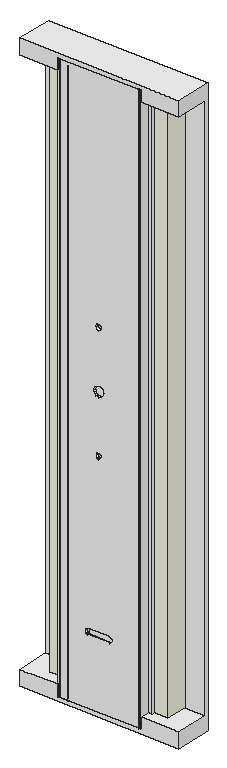
Revit family "STH9740BR_27_PTO_27_STH9740BR_30_PTO_30", category Luminárias, Revit 2023
Family settings
  Hospedeiro = Parede
  Cota do conector redondo = Utilizar diâmetro
  Tipo de parte = Normal
  Número OmniClass = 23.80.70.00
  Título OmniClass = Lighting
  Sempre na vertical = Sim
  Corte com vazios quando carregada = Não
  Fonte luminosa = Sim
  Manter orientação da anotação = Não
  Compartilhado = Não
  Ponto de cálculo do ambiente = Não
Parameters (values of type "STH9740BR/27 - BRANCO - BIVOLT - 2700K - 1050lm")
  Ângulo de Abertura = "110°/110°"
  Wattage = 13.4642 W
  URL = "https://stella.com.br/"
  Troca de temperatura da cor de lâmpada com esmaecimento = <Nenhum>
  Tensão Elétrica = "100V-240V"
  built-in parameter 1150107 = 2700 (stored number, unit not read)
  Temperatura da cor (K) = 2700 K
  Tamanho do símbolo da fonte luminosa = 0.6096 m
  Referência = "STH9740BR/27"
  Profundidade = 0.027 m
  Potência = 12 W
  built-in parameter 1150110 = 1 (stored number, unit not read)
  built-in parameter 1150109 = 1 (stored number, unit not read)
  built-in parameter 1114218 = 1 (stored number, unit not read)
  built-in parameter 1150112 = 1 (stored number, unit not read)
  built-in parameter 1150113 = 1 (stored number, unit not read)
  built-in parameter 1150132 = 2
  built-in parameter 1150137 = (empty or 0)
  Modelo = "Reflex"
  built-in parameter 1150106 = 6.3662 (stored number, unit not read)
  built-in parameter 1150102 = (empty or 0)
  built-in parameter 1150105 = 636.62 (stored number, unit not read)
  IRC (Índice de reprodução de cores) = ">80"
  Grau de proteção (IP) = "IP65"
  Fonte Luminosa_STH9740_3000K = no
  Fonte Luminosa_STH9740_2700K = yes
  Color Filter = 16777215
  built-in parameter 1114217 = 1 (stored number, unit not read)
  built-in parameter 1150139 = (empty or 0)
  Estrutura = Al Branco
  Luminoso = Luminoso - 2700K
  Largura = 0.115 m
  Fluxo Luminoso = 1050 lm
  Fabricante = "Stella"
  Emitir do comprimento da linha = 0.6096 m
  Default Elevation = 0.00 m
  built-in parameter 1150104 = 13.8 (stored number, unit not read)
  Dimerização = "Não dimerizável"
  built-in parameter 1150115 = 1 (stored number, unit not read)
  built-in parameter 1150114 = 1 (stored number, unit not read)
  Lumens = 2000 lm
  built-in parameter 1150138 = (empty or 0)
  built-in parameter 1150134 = (empty or 0)
  Comprimento = 0.42 m
  built-in parameter 1150133 = 10 (stored number, unit not read)
Types (5, lengths in m): name | built-in parameter 1150107 | Temperatura da cor (K) | Referência | Fonte Luminosa_STH9740_3000K | Fonte Luminosa_STH9740_2700K | Estrutura | Luminoso | Fluxo Luminoso
  (no name) | 2700 (stored number, unit not read) | 2700 K | "STH9740BR/27" | no | yes | Al Branco | Luminoso - 2700K | 1050 lm
  STH9740BR/30 - BRANCO - BIVOLT - 3000K - 1100lm | 3000 (stored number, unit not read) | 3000 K | "STH9740BR/30" | yes | no | Al Branco | Luminoso - 3000K | 1100 lm
  STH9740BR/27 - BRANCO - BIVOLT - 2700K - 1050lm | 2700 (stored number, unit not read) | 2700 K | "STH9740BR/27" | no | yes | Al Branco | Luminoso - 2700K | 1050 lm
  STH9740PTO/27 - PRETO - BIVOLT - 2700K - 800lm | 2700 (stored number, unit not read) | 2700 K | "STH9740PTO/27" | no | yes | Al - Preto | Luminoso - 2700K | 800 lm
  STH9740PTO/30 - PRETO - BIVOLT - 3000K - 850lm | 3000 (stored number, unit not read) | 3000 K | "STH9740PTO/30" | yes | no | Al - Preto | Luminoso - 3000K | 850 lm
Reference planes (m)
  plane 1: y = 0
  plane 2 "Eixo de origem da luz (F/T)": y = 0.012631
  plane 3 "Eixo de origem da luz (E/D)": x = -0.036356
  plane 4 "Elevação da origem da luz": z = 1
  plane 5: x = -0.093856
  plane 6: x = 0.021144
  plane 7: y = 0.027
  plane 8: z = 0.79
  plane 9: z = 1.21
Forms (m)
  Extrusion 1, solid, material "Al Branco" <- "Estrutura"
    sketch origin (0, 0, 1) x (0, 1, 0) y (-1, 0, 0)
      loop
        line (0.0012, 0.065156) -> (0, 0.065156) -> (0, 0.007556) -> (0.0012, 0.007556) -> (0.0012, 0.008556) -> (0.0075, 0.008556) -> (0.0108, 0.00993) -> (0.0115, 0.008556) -> (0.013612, 0.009679) -> (0.013142, 0.010562) -> (0.012176, 0.010048) -> (0.010989, 0.011235) -> (0.007858, 0.00993) -> (0.00705, 0.00993) -> (0.0012, 0.012696) -> (0.0012, 0.060015) -> (0.00705, 0.062781) -> (0.007858, 0.062781) -> (0.010989, 0.061476) -> (0.012176, 0.062663) -> (0.013142, 0.062149) -> (0.013612, 0.063032) -> (0.0115, 0.064156) -> (0.0108, 0.062781) -> (0.0075, 0.064156) -> (0.0012, 0.064156) -> (0.0012, 0.065156)
      loop
        line (0.0012, 0.060652) -> (0.005513, 0.062781) -> (0.0012, 0.062781) -> (0.0012, 0.060652)
      loop
        line (0.0012, 0.01206) -> (0.0012, 0.00993) -> (0.005513, 0.00993) -> (0.0012, 0.01206)
    from -0.2072 to 0.2072
  Extrusion 2, solid, material "Al Branco" <- "Estrutura"
    sketch origin (0, 0, 1) x (0, 1, 0) y (-1, 0, 0)
      loop
        line (0.0238, 0.093856) -> (0.0238, -0.021144) -> (0.0263, -0.021144) -> (0.0263, 0.093856) -> (0.0238, 0.093856)
    from -0.21 to 0.21
  Extrusion 3, solid, material "Luminoso - 2700K" <- "Luminoso"
    sketch origin (0, 0, 1) x (0, 1, 0) y (-1, 0, 0)
      loop
        line (0.0088, -0.006144) -> (0.0238, -0.006144) -> (0.0238, 0.006356) -> (0.0088, 0.006356) -> (0.0088, -0.006144)
      loop
        line (0.0231, 0.005656) -> (0.0095, 0.005656) -> (0.0095, -0.005444) -> (0.0231, -0.005444) -> (0.0231, 0.005656)
    from -0.1992 to 0.1992
  Extrusion 4, solid, material "Luminoso - 2700K" <- "Luminoso"
    sketch origin (-0.072711, 0, 1) x (0, -1, 0) y (1, 0, 0)
      loop
        line (-0.0088, -0.006144) -> (-0.0088, 0.006356) -> (-0.0238, 0.006356) -> (-0.0238, -0.006144) -> (-0.0088, -0.006144)
      loop
        line (-0.0231, 0.005656) -> (-0.0231, -0.005444) -> (-0.0095, -0.005444) -> (-0.0095, 0.005656) -> (-0.0231, 0.005656)
    from -0.1992 to 0.1992
  Extrusion 5, solid, material "Al Branco" <- "Estrutura"
    sketch origin (-0.036356, 0, 0) x (0, -1, 0) y (0, 0, 1)
      loop
        line (-0.0263, 1.21) -> (-0.0263, 1.1992) -> (0, 1.1992) -> (0, 1.21) -> (-0.0263, 1.21)
    from -0.0575 to 0.0575
  Extrusion 6, solid, material "Al Branco" <- "Estrutura"
    sketch origin (0, 0, 1) x (0, 1, 0) y (-1, 0, 0)
      loop
        line (0.008, 0.006356) -> (0.0238, 0.006356) -> (0.0238, 0.008556) -> (0.0193, 0.008556) -> (0.0193, 0.013556) -> (0.0183, 0.013556) -> (0.0183, 0.008556) -> (0.0115, 0.008556) -> (0.0108, 0.00993) -> (0.0075, 0.008556) -> (0.0012, 0.008556) -> (0.0012, 0.007556) -> (0, 0.007556) -> (0, 0.006356) -> (0.0067, 0.006356) -> (0.0067, 0.003556) -> (0.008, 0.003556) -> (0.008, 0.004356) -> (0.0088, 0.004356) -> (0.0088, 0.005356) -> (0.008, 0.005356) -> (0.008, 0.006356)
      loop
        line (0.008, 0.066356) -> (0.008, 0.067356) -> (0.0088, 0.067356) -> (0.0088, 0.068356) -> (0.008, 0.068356) -> (0.008, 0.069156) -> (0.0067, 0.069156) -> (0.0067, 0.066356) -> (0, 0.066356) -> (0, 0.065156) -> (0.0012, 0.065156) -> (0.0012, 0.064156) -> (0.0075, 0.064156) -> (0.0108, 0.062781) -> (0.0115, 0.064156) -> (0.0183, 0.064156) -> (0.0183, 0.059156) -> (0.0193, 0.059156) -> (0.0193, 0.064156) -> (0.0238, 0.064156) -> (0.0238, 0.066356) -> (0.008, 0.066356)
    from -0.2072 to 0.2072
  Extrusion 7, void
    sketch origin (0, 0, 1) x (0, 1, 0) y (-1, 0, 0)
      loop
        line (0, 0.066356) -> (0, 0.006356) -> (0.013612, 0.006356) -> (0.013612, 0.066356) -> (0, 0.066356)
    from 0.1992 to 0.2072
  Extrusion 8, solid, material "Al Branco" <- "Estrutura"
    sketch origin (-0.036356, 0, 2) x (0, -1, 0) y (0, 0, 1)
      loop
        line (-0.0263, -1.21) -> (0, -1.21) -> (0, -1.1992) -> (-0.0263, -1.1992) -> (-0.0263, -1.21)
    from -0.0575 to 0.0575
  Extrusion 9, void
    sketch origin (0, 0, 1) x (0, 1, 0) y (-1, 0, 0)
      loop
        line (0, 0.066356) -> (0, 0.006356) -> (0.013612, 0.006356) -> (0.013612, 0.066356) -> (0, 0.066356)
    from -0.2072 to -0.1992
  Extrusion 10, void
    sketch origin (0, 0, 1) x (0, 1, 0) y (-1, 0, 0)
      loop
        line (0.008, 0.006356) -> (0.0243, 0.006356) -> (0.0243, 0.008556) -> (0.0193, 0.008556) -> (0.0193, 0.013556) -> (0.0183, 0.013556) -> (0.0183, 0.008556) -> (0.0115, 0.008556) -> (0.0108, 0.00993) -> (0.0075, 0.008556) -> (0.0012, 0.008556) -> (0.0012, 0.007556) -> (0, 0.007556) -> (0, 0.006356) -> (0.0067, 0.006356) -> (0.0067, 0.003556) -> (0.008, 0.003556) -> (0.008, 0.004356) -> (0.0088, 0.004356) -> (0.0088, 0.005356) -> (0.008, 0.005356) -> (0.008, 0.006356)
      loop
        line (0.008, 0.066356) -> (0.008, 0.067356) -> (0.0088, 0.067356) -> (0.0088, 0.068356) -> (0.008, 0.068356) -> (0.008, 0.069156) -> (0.0067, 0.069156) -> (0.0067, 0.066356) -> (0, 0.066356) -> (0, 0.065156) -> (0.0012, 0.065156) -> (0.0012, 0.064156) -> (0.0075, 0.064156) -> (0.0108, 0.062781) -> (0.0115, 0.064156) -> (0.0183, 0.064156) -> (0.0183, 0.059156) -> (0.0193, 0.059156) -> (0.0193, 0.064156) -> (0.0243, 0.064156) -> (0.0243, 0.066356) -> (0.008, 0.066356)
    from 0.1992 to 0.2072
  Extrusion 11, void
    sketch origin (0, 0, 1) x (0, 1, 0) y (-1, 0, 0)
      loop
        line (0.008, 0.006356) -> (0.0243, 0.006356) -> (0.0243, 0.008556) -> (0.0193, 0.008556) -> (0.0193, 0.013556) -> (0.0183, 0.013556) -> (0.0183, 0.008556) -> (0.0115, 0.008556) -> (0.0108, 0.00993) -> (0.0075, 0.008556) -> (0.0012, 0.008556) -> (0.0012, 0.007556) -> (0, 0.007556) -> (0, 0.006356) -> (0.0067, 0.006356) -> (0.0067, 0.003556) -> (0.008, 0.003556) -> (0.008, 0.004356) -> (0.0088, 0.004356) -> (0.0088, 0.005356) -> (0.008, 0.005356) -> (0.008, 0.006356)
      loop
        line (0.008, 0.066356) -> (0.008, 0.067356) -> (0.0088, 0.067356) -> (0.0088, 0.068356) -> (0.008, 0.068356) -> (0.008, 0.069156) -> (0.0067, 0.069156) -> (0.0067, 0.066356) -> (0, 0.066356) -> (0, 0.065156) -> (0.0012, 0.065156) -> (0.0012, 0.064156) -> (0.0075, 0.064156) -> (0.0108, 0.062781) -> (0.0115, 0.064156) -> (0.0183, 0.064156) -> (0.0183, 0.059156) -> (0.0193, 0.059156) -> (0.0193, 0.064156) -> (0.0243, 0.064156) -> (0.0243, 0.066356) -> (0.008, 0.066356)
    from -0.2072 to -0.1992
  Extrusion 12, void
    sketch origin (0, 0.012631, 0) x (1, 0, 0) y (0, 0, 1)
      loop
        line (-0.034206, 1.4652) -> (-0.034206, 1.4802)
        arc (-0.034206, 1.4802) -> (-0.036456, 1.48245) -> (-0.038706, 1.4802) r 0.00225
        line (-0.038706, 1.4802) -> (-0.038706, 1.4652)
        arc (-0.038706, 1.4652) -> (-0.036456, 1.46295) -> (-0.034206, 1.4652) r 0.00225
      loop
        arc (-0.043956, 0.84505) -> (-0.046206, 0.8428) -> (-0.043956, 0.84055) r 0.00225
        line (-0.043956, 0.84055) -> (-0.028956, 0.84055)
        arc (-0.028956, 0.84055) -> (-0.026706, 0.8428) -> (-0.028956, 0.84505) r 0.00225
        line (-0.028956, 0.84505) -> (-0.043956, 0.84505)
      loop
        circle (-0.036432, 1.000977) r 0.003752
      loop
        circle (-0.036418, 1.042744) r 0.002101
      loop
        circle (-0.036339, 0.959258) r 0.002101
    from 0.011431 to 0.012631
Cuts and joins
  Extrusion 9, Extrusion 10, Extrusion 11 cuts Extrusion 2
  Extrusion 7, Extrusion 9, Extrusion 10, Extrusion 11 cuts Extrusion 5
  Extrusion 9, Extrusion 10, Extrusion 11 cuts Extrusion 8
  joined: Extrusion 2, Extrusion 5, Extrusion 8
  Extrusion 11, Extrusion 12 cuts Extrusion 1
  Extrusion 10 cuts Extrusion 3
  Extrusion 10 cuts Extrusion 4
  Extrusion 12 cuts Extrusion 6
Text (m)
  text "Lado da colocação" at (0, 1.019848, 2.973606), in view "Direita"
  text "Lado da colocação" at (-0.613675, 0.577841, 0), in view "Nível de referência"
  text "Lado da colocação" at (0, 1.206291, 3.020473), in view "Esquerda"
Dimensions and locks (m)
  "Largura": plane 5 to plane 6
  "Profundidade": plane 7 to plane 1
  "Comprimento": plane 8 to plane 9
Automatic sketch dimensions
  Extrusion 1 sketch curve to host wall = 0.00 m
  host wall to Extrusion 1 sketch curve = 0.0012 m  (x5)
  Extrusion 1 sketch curve to Extrusion 1 sketch curve = 0.004313 m  (x2)
  Extrusion 1 sketch curve to Extrusion 1 sketch curve = 0.001537 m  (x2)
  Extrusion 1 sketch curve to Extrusion 1 sketch curve = 0.00045 m  (x2)
  Extrusion 1 sketch curve to Extrusion 1 sketch curve = 0.000808 m  (x2)
  plane 2 "Eixo de origem da luz (F/T)" to Extrusion 1 sketch curve = 0.001831 m  (x2)
  Extrusion 1 sketch curve to Extrusion 1 sketch curve = 0.000189 m  (x2)
  plane 2 "Eixo de origem da luz (F/T)" to Extrusion 1 sketch curve = 0.001131 m  (x2)
  plane 2 "Eixo de origem da luz (F/T)" to Extrusion 1 sketch curve = 0.000455 m  (x2)
  Extrusion 1 sketch curve to plane 2 "Eixo de origem da luz (F/T)" = 0.000511 m  (x2)
  Extrusion 1 sketch curve to plane 2 "Eixo de origem da luz (F/T)" = 0.000981 m  (x2)
  Extrusion 1 sketch curve to plane 6 = 0.0287 m
  Extrusion 1 sketch curve to Extrusion 1 sketch curve = 0.001 m  (x2)
  Extrusion 1 sketch curve to Extrusion 1 sketch curve = 0.00 m  (x2)
  Extrusion 1 sketch curve to Extrusion 1 sketch curve = 0.001124 m
  Extrusion 1 sketch curve to Extrusion 1 sketch curve = 0.001375 m  (x3)
  Extrusion 1 sketch curve to Extrusion 1 sketch curve = 0.000118 m
  Extrusion 1 sketch curve to Extrusion 1 sketch curve = 0.001305 m  (x3)
  Extrusion 1 sketch curve to Extrusion 1 sketch curve = 0.002129 m
  Extrusion 1 sketch curve to Extrusion 1 sketch curve = 0.000637 m  (x2)
  plane 3 "Eixo de origem da luz (E/D)" to Extrusion 1 sketch curve = 0.023659 m
  Extrusion 1 sketch curve to Extrusion 1 sketch curve = 0.000825 m
  Extrusion 1 sketch curve to Extrusion 1 sketch curve = 0.000673 m
  Extrusion 1 sketch curve to Extrusion 1 sketch curve = 0.000514 m
  Extrusion 2 sketch curve to plane 6 = 0.00 m
  Extrusion 2 sketch curve to plane 5 = 0.00 m
  Extrusion 2 sketch curve to plane 7 = 0.0032 m
  Extrusion 2 sketch curve to plane 7 = 0.0007 m
  plane 2 "Eixo de origem da luz (F/T)" to Extrusion 3 sketch curve = 0.003831 m
  Extrusion 3 sketch curve to Extrusion 3 sketch curve = 0.0007 m  (x4)
  Extrusion 3 sketch curve to plane 7 = 0.0039 m
  Extrusion 3 sketch curve to plane 6 = 0.015 m
  Extrusion 3 sketch curve to Extrusion 3 sketch curve = 0.0111 m
  Extrusion 4 sketch curve to plane 7 = 0.0032 m
  Extrusion 4 sketch curve to Extrusion 4 sketch curve = 0.0007 m  (x4)
  plane 2 "Eixo de origem da luz (F/T)" to Extrusion 4 sketch curve = 0.003131 m
  plane 5 to Extrusion 4 sketch curve = 0.015 m
  Extrusion 4 sketch curve to Extrusion 4 sketch curve = 0.0111 m
  Extrusion 5 sketch curve to host wall = 0.00 m
  Extrusion 5 sketch curve to plane 7 = 0.0007 m
  Extrusion 6 sketch curve to host wall = 0.00 m  (x2)
  Extrusion 6 sketch curve to Extrusion 6 sketch curve = 0.0012 m  (x3)
  host wall to Extrusion 6 sketch curve = 0.0012 m
  Extrusion 6 sketch curve to Extrusion 6 sketch curve = 0.0055 m  (x2)
  Extrusion 6 sketch curve to Extrusion 6 sketch curve = 0.0008 m  (x6)
  Extrusion 6 sketch curve to Extrusion 6 sketch curve = 0.0013 m  (x3)
  Extrusion 6 sketch curve to Extrusion 6 sketch curve = 0.00 m  (x3)
  plane 2 "Eixo de origem da luz (F/T)" to Extrusion 6 sketch curve = 0.001831 m  (x2)
  plane 2 "Eixo de origem da luz (F/T)" to Extrusion 6 sketch curve = 0.001131 m  (x2)
  Extrusion 6 sketch curve to plane 2 "Eixo de origem da luz (F/T)" = 0.005669 m  (x2)
  Extrusion 6 sketch curve to Extrusion 6 sketch curve = 0.001 m  (x8)
  Extrusion 6 sketch curve to plane 7 = 0.0032 m  (x2)
  Extrusion 6 sketch curve to plane 6 = 0.0247 m
  Extrusion 6 sketch curve to Extrusion 6 sketch curve = 0.0022 m  (x3)
  Extrusion 6 sketch curve to Extrusion 6 sketch curve = 0.001375 m  (x2)
  Extrusion 6 sketch curve to Extrusion 6 sketch curve = 0.005 m  (x2)
  plane 3 "Eixo de origem da luz (E/D)" to Extrusion 6 sketch curve = 0.0228 m
  Extrusion 6 sketch curve to Extrusion 6 sketch curve = 0.003625 m
  Extrusion 7 sketch curve to host wall = 0.00 m
  Extrusion 7 sketch curve to plane 2 "Eixo de origem da luz (F/T)" = 0.000981 m
  Extrusion 7 sketch curve to plane 6 = 0.0275 m
  plane 5 to Extrusion 7 sketch curve = 0.0275 m
  plane 8 to Extrusion 8 sketch curve = 0.00 m
  Extrusion 8 sketch curve to host wall = 0.00 m
  Extrusion 8 sketch curve to plane 7 = 0.0007 m
  Extrusion 8 sketch curve to plane 8 = 0.0108 m
  Extrusion 9 sketch curve to host wall = 0.00 m
  Extrusion 9 sketch curve to plane 2 "Eixo de origem da luz (F/T)" = 0.000981 m
  Extrusion 9 sketch curve to plane 6 = 0.0275 m
  plane 5 to Extrusion 9 sketch curve = 0.0275 m
  Extrusion 10 sketch curve to host wall = 0.00 m  (x2)
  Extrusion 10 sketch curve to Extrusion 10 sketch curve = 0.0012 m  (x3)
  host wall to Extrusion 10 sketch curve = 0.0012 m
  Extrusion 10 sketch curve to Extrusion 10 sketch curve = 0.0055 m  (x2)
  Extrusion 10 sketch curve to Extrusion 10 sketch curve = 0.0008 m  (x6)
  Extrusion 10 sketch curve to Extrusion 10 sketch curve = 0.0013 m  (x3)
  Extrusion 10 sketch curve to Extrusion 10 sketch curve = 0.00 m  (x3)
  plane 2 "Eixo de origem da luz (F/T)" to Extrusion 10 sketch curve = 0.001831 m  (x2)
  plane 2 "Eixo de origem da luz (F/T)" to Extrusion 10 sketch curve = 0.001131 m  (x2)
  Extrusion 10 sketch curve to plane 2 "Eixo de origem da luz (F/T)" = 0.005669 m  (x2)
  Extrusion 10 sketch curve to Extrusion 10 sketch curve = 0.001 m  (x8)
  Extrusion 10 sketch curve to plane 7 = 0.0027 m  (x2)
  Extrusion 10 sketch curve to plane 6 = 0.0247 m
  Extrusion 10 sketch curve to Extrusion 10 sketch curve = 0.0022 m  (x3)
  Extrusion 10 sketch curve to Extrusion 10 sketch curve = 0.001375 m  (x2)
  Extrusion 10 sketch curve to Extrusion 10 sketch curve = 0.005 m  (x2)
  plane 3 "Eixo de origem da luz (E/D)" to Extrusion 10 sketch curve = 0.0228 m
  Extrusion 10 sketch curve to Extrusion 10 sketch curve = 0.003625 m
  Extrusion 11 sketch curve to host wall = 0.00 m  (x2)
  Extrusion 11 sketch curve to Extrusion 11 sketch curve = 0.0012 m  (x3)
  host wall to Extrusion 11 sketch curve = 0.0012 m
  Extrusion 11 sketch curve to Extrusion 11 sketch curve = 0.0055 m  (x2)
  Extrusion 11 sketch curve to Extrusion 11 sketch curve = 0.0008 m  (x6)
  Extrusion 11 sketch curve to Extrusion 11 sketch curve = 0.0013 m  (x3)
  Extrusion 11 sketch curve to Extrusion 11 sketch curve = 0.00 m  (x3)
  plane 2 "Eixo de origem da luz (F/T)" to Extrusion 11 sketch curve = 0.001831 m  (x2)
  plane 2 "Eixo de origem da luz (F/T)" to Extrusion 11 sketch curve = 0.001131 m  (x2)
  Extrusion 11 sketch curve to plane 2 "Eixo de origem da luz (F/T)" = 0.005669 m  (x2)
  Extrusion 11 sketch curve to Extrusion 11 sketch curve = 0.001 m  (x8)
  Extrusion 11 sketch curve to plane 7 = 0.0027 m  (x2)
  plane 5 to Extrusion 11 sketch curve = 0.0903 m
  Extrusion 11 sketch curve to Extrusion 11 sketch curve = 0.0022 m  (x3)
  Extrusion 11 sketch curve to Extrusion 11 sketch curve = 0.001375 m  (x2)
  Extrusion 11 sketch curve to Extrusion 11 sketch curve = 0.005 m  (x2)
  Extrusion 11 sketch curve to Extrusion 11 sketch curve = 0.0456 m
  Extrusion 11 sketch curve to Extrusion 11 sketch curve = 0.003625 m
  plane 3 "Eixo de origem da luz (E/D)" to Extrusion 12 sketch curve = 0.0076 m
  plane 3 "Eixo de origem da luz (E/D)" to Extrusion 12 sketch curve = 0.00235 m
  Extrusion 12 sketch curve to plane 3 "Eixo de origem da luz (E/D)" = 0.000016 m
  plane 3 "Eixo de origem da luz (E/D)" to Extrusion 12 sketch curve = 0.000062 m
  plane 3 "Eixo de origem da luz (E/D)" to Extrusion 12 sketch curve = 0.0001 m
  plane 3 "Eixo de origem da luz (E/D)" to Extrusion 12 sketch curve = 0.000076 m
  Extrusion 12 sketch curve to plane 3 "Eixo de origem da luz (E/D)" = 0.0074 m
  Extrusion 12 sketch curve to plane 8 = 0.05055 m
  Extrusion 12 sketch curve to Extrusion 12 sketch curve = 0.00225 m
  plane 4 "Elevação da origem da luz" to Extrusion 12 sketch curve = 0.040742 m
  Extrusion 12 sketch curve to plane 4 "Elevação da origem da luz" = 0.000977 m
  Extrusion 12 sketch curve to Extrusion 12 sketch curve = 0.041768 m
  Extrusion 12 sketch curve to Extrusion 12 sketch curve = 0.015 m
  Extrusion 5 sketch curve to plane 4 "Elevação da origem da luz" = 0.1992 m
  Extrusion 5 sketch curve to Extrusion 5 sketch curve = 0.0108 m
  Extrusion 12 sketch curve to Extrusion 12 sketch curve = 0.422456 m
  radius of Extrusion 12 sketch curve = 0.003752 m
  radius of Extrusion 12 sketch curve = 0.002101 m  (x2)
Nested families (m)
  nested 1: "Fluxo Luminoso_Reflex STH9740_3000K" at (-0.079356, 0.0005, 0.79) x (-1, 0, 0) z (0, 0, 1), visible <- "Fonte Luminosa_STH9740_3000K", type "Fluxo Luminoso_Reflex STH9740_3000K"
  nested 2: "Fluxo Luminoso_Reflex STH9740_2700K" at (-0.079356, 0.0005, 0.79) x (-1, 0, 0) z (0, 0, 1), visible <- "Fonte Luminosa_STH9740_2700K", type "Fluxo Luminoso_Reflex STH9740_2700K"
Connectors (m)
  electrical at (-0.036356, 0.01263, 1)
    settings: index 1, voltage 0 V, apparent load 0 VA, apparent load phase1 0 VA, apparent load phase2 0 VA, apparent load phase3 0 VA, power factor 1, load classification "Outro", number of poles 1, system type 31, power factor state 1, is connector primary yes, connector utility no, sub classification motor no, connector description ""
Definition of nested family "Fluxo Luminoso_Reflex STH9740_3000K"
  Parameters (values of type "Fluxo Luminoso_Reflex STH9740_3000K")
    Wattage = 13.4642 W
    Light Source Symbol Size = 0.6096 m
    built-in parameter 1150110 = 1 (stored number, unit not read)
    Largura = 0.115 m
    built-in parameter 1114217 = 1 (stored number, unit not read)
    built-in parameter 1150109 = 1 (stored number, unit not read)
    Emit from Line Length = 0.6096 m
    Default Elevation = 0.00 m
    built-in parameter 1150134 = (empty or 0)
    built-in parameter 1150113 = 1 (stored number, unit not read)
    Lumens = 2000 lm
    built-in parameter 1150115 = 1 (stored number, unit not read)
    built-in parameter 1150105 = 636.62 (stored number, unit not read)
    built-in parameter 1150137 = (empty or 0)
    built-in parameter 1150139 = (empty or 0)
    built-in parameter 1150112 = 1 (stored number, unit not read)
    built-in parameter 1150114 = 1 (stored number, unit not read)
    built-in parameter 1150132 = 2
    built-in parameter 1150102 = (empty or 0)
    built-in parameter 1150138 = (empty or 0)
    built-in parameter 1150107 = 3000 (stored number, unit not read)
    built-in parameter 1150106 = 6.3662 (stored number, unit not read)
    built-in parameter 1150104 = 13.8 (stored number, unit not read)
    Dimming Lamp Color Temperature Shift = (empty or 0)
    Color Filter = 16777215
    built-in parameter 1114218 = 1 (stored number, unit not read)
    Comprimento = 0.42 m
    built-in parameter 1150133 = 10 (stored number, unit not read)
  Reference planes (m)
    plane 1 "Plano de inclinação (F/T)": y = 0
    plane 2: z = 0
    plane 3 "Eixo de origem da luz (E/D)": x = 0
    plane 4 "Elevação da origem da luz": z = 0.42
    plane 5: y = 0.0575
    plane 6: y = -0.0575
  Text (m)
    text "Ângulo de inclinação de 0 graus" at (0.809978, -4.572, 0.971413), in view "Parte frontal"
    text "90" at (-0.194597, -4.572, 1.873248), in view "Parte frontal"
    text "180" at (-1.13068, -4.572, 0.971413), in view "Parte frontal"
    text "270" at (-0.320169, -4.572, 0.591265), in view "Parte frontal"
    text "Ângulo de inclinação de 0 graus" at (1.272354, 4.572, 1.54298), in view "Parte posterior"
    text "180" at (-0.876627, 4.572, 1.524796), in view "Parte posterior"
    text "90" at (0.296375, 4.572, 2.698908), in view "Parte posterior"
    text "270" at (0.421947, 4.572, 0.666926), in view "Parte posterior"
  Dimensions and locks (m)
    "Largura": plane 5 to plane 6
    "Comprimento": plane 4 "Elevação da origem da luz" to level
    aligned and locked: level to plane 2
Definition of nested family "Fluxo Luminoso_Reflex STH9740_2700K"
  Parameters (values of type "Fluxo Luminoso_Reflex STH9740_2700K")
    Wattage = 13.4642 W
    Light Source Symbol Size = 0.6096 m
    built-in parameter 1150110 = 1 (stored number, unit not read)
    Largura = 0.115 m
    built-in parameter 1114217 = 1 (stored number, unit not read)
    built-in parameter 1150109 = 1 (stored number, unit not read)
    Emit from Line Length = 0.6096 m
    Default Elevation = 0.00 m
    built-in parameter 1150134 = (empty or 0)
    built-in parameter 1150113 = 1 (stored number, unit not read)
    Lumens = 2000 lm
    built-in parameter 1150115 = 1 (stored number, unit not read)
    built-in parameter 1150105 = 636.62 (stored number, unit not read)
    built-in parameter 1150137 = (empty or 0)
    built-in parameter 1150139 = (empty or 0)
    built-in parameter 1150112 = 1 (stored number, unit not read)
    built-in parameter 1150114 = 1 (stored number, unit not read)
    built-in parameter 1150132 = 2
    built-in parameter 1150102 = (empty or 0)
    built-in parameter 1150138 = (empty or 0)
    built-in parameter 1150107 = 2700 (stored number, unit not read)
    built-in parameter 1150106 = 6.3662 (stored number, unit not read)
    built-in parameter 1150104 = 13.8 (stored number, unit not read)
    Dimming Lamp Color Temperature Shift = (empty or 0)
    Color Filter = 16777215
    built-in parameter 1114218 = 1 (stored number, unit not read)
    Comprimento = 0.42 m
    built-in parameter 1150133 = 10 (stored number, unit not read)
  Reference planes (m)
    plane 1 "Plano de inclinação (F/T)": y = 0
    plane 2: z = 0
    plane 3 "Eixo de origem da luz (E/D)": x = 0
    plane 4 "Elevação da origem da luz": z = 0.42
    plane 5: y = 0.0575
    plane 6: y = -0.0575
  Text (m)
    text "Ângulo de inclinação de 0 graus" at (0.809978, -4.572, 0.971413), in view "Parte frontal"
    text "90" at (-0.194597, -4.572, 1.873248), in view "Parte frontal"
    text "180" at (-1.13068, -4.572, 0.971413), in view "Parte frontal"
    text "270" at (-0.320169, -4.572, 0.591265), in view "Parte frontal"
    text "Ângulo de inclinação de 0 graus" at (1.272354, 4.572, 1.54298), in view "Parte posterior"
    text "180" at (-0.876627, 4.572, 1.524796), in view "Parte posterior"
    text "90" at (0.296375, 4.572, 2.698908), in view "Parte posterior"
    text "270" at (0.421947, 4.572, 0.666926), in view "Parte posterior"
  Dimensions and locks (m)
    "Largura": plane 5 to plane 6
    "Comprimento": plane 4 "Elevação da origem da luz" to level
    aligned and locked: level to plane 2
